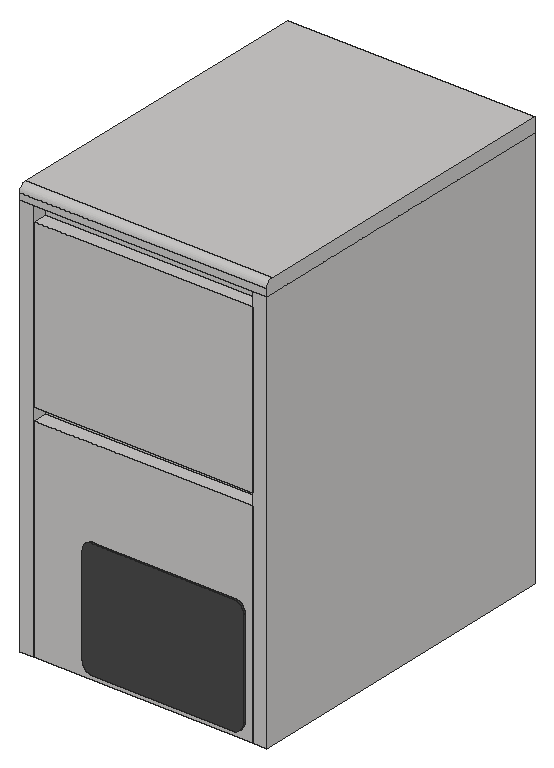
Revit family "QF_ZANUSSI_730309_ICA23I6SNP", category Attrezzature speciali, Revit 2018
Family settings
  Quota connettore circolare = Usa diametro
  Tipo di parte = Normale
  Basato su piano di lavoro = No
  Sempre verticale = Sì
  Taglio con vuoti quando caricato = No
  Condiviso = No
  Punto di calcolo locali = No
Parameters (values of type "Standard")
  Weight = 32.00 kg
  Watts = 1000 W
  Volts = 220 V
  URL Manufacturer = "http://www.zanussiprofessional.com"
  URL = "http://www.zanussiprofessional.com"
  Steam Supply Size = 0 mm
  Steam Supply Minimum Pressure = 0.0 Pa
  Steam Supply Maximum Pressure = 0.0 Pa
  Steam Pounds per Hour = 0
  Show Logo [instance] = yes
  Show Clearance [instance] = yes
  Refrigeration Suction Line Size = 0 mm
  Refrigeration Liquid Line Size = 0 mm
  Refrigerant Compressor Remote = yes
  Produttore = "Zanussi"
  Phase = 1
  Modello = "ICA23I6SNP"
  Length Actual = 350 mm  # constant formula
  Item Number = "730309"
  Hot Water Size = 0 mm
  Height Actual = 601 mm  # constant formula
  HP = "1.3 HP"
  Gas Size = 0 mm
  Gas KW = 0
  Gas Input Pressure = 0 W
  Descrizione = "WATER COOLED ICE CUBER 14GR 23KG/24H-BIN 6KG"
  Depth Actual = 475 mm  # constant formula
  Cycle = 50 Hz
  Condensate Return Size = 0 mm
  Compressed Air Volume = 0.0 L/s
  Compressed Air Size = 0 mm
  Compressed Air Pressure = 0.0 Pa
  Cold Water Size = 19.05 mm
  Accessory = yes
Reference planes
  plane 1 "Center X": y = 272.851
  plane 2: z = 0
  plane 3 "Center Y": x = -501.5
  plane 4 "LEFT": x = -676.5
  plane 5 "RIGHT": x = -326.5
  plane 6 "FRONT": y = 35.351
  plane 7 "BACK": y = 510.351
  plane 8: z = 593
  plane 9: z = 573
  plane 10: x = -656.5
  plane 11: x = -346.5
  plane 12: y = 75.351
Forms (mm)
  Extrusion 1, solid, material "QF_Finishes_Black"
    sketch origin (-202.5, 35.351, 229.513) x (-1, 0, 0) y (0, 0, -1)
      loop
        arc (369, 54.513) -> (379.607, 58.907) -> (384, 69.513) r 15
        line (384, 69.513) -> (384, 207.469)
        arc (384, 207.469) -> (379.607, 218.075) -> (369, 222.469) r 15
        line (369, 222.469) -> (169.884, 222.469)
        arc (169.884, 222.469) -> (159.277, 218.075) -> (154.884, 207.469) r 15
        line (154.884, 207.469) -> (154.884, 69.513)
        arc (154.884, 69.513) -> (159.277, 58.907) -> (169.884, 54.513) r 15
        line (169.884, 54.513) -> (369, 54.513)
    from 0 to 2
  Extrusion 2, solid, material "QF_Finishes_Stainless Steel"
    sketch origin (-501.5, 0, 0) x (0, 1, 0) y (0, 0, 1)
      loop
        line (510.351, 573) -> (510.351, 593) -> (45.351, 593)
        arc (45.351, 593) -> (38.28, 590.071) -> (35.351, 583) r 10
        line (35.351, 583) -> (35.351, 573) -> (510.351, 573)
    from -175 to 175
  Extrusion 3, solid, material "QF_Finishes_Stainless Steel"
    sketch origin (-246.7, 510.351, -335.545) x (1, 0, 0) y (0, 0, -1)
      loop
        circle (-131.8, -500.545) r 10
    from 0 to 10
  Extrusion 4, solid, material "QF_Finishes_Stainless Steel"
    sketch origin (0, 0, 0) x (1, 0, 0) y (0, 1, 0)
      loop
        line (-676.5, 510.351) -> (-676.5, 35.351) -> (-656.5, 35.351) -> (-656.5, 510.351) -> (-676.5, 510.351)
    from 0 to 573
  Extrusion 5, solid, material "QF_Finishes_Stainless Steel"
    sketch origin (0, 0, 0) x (1, 0, 0) y (0, 1, 0)
      loop
        line (-346.5, 510.351) -> (-346.5, 35.351) -> (-326.5, 35.351) -> (-326.5, 510.351) -> (-346.5, 510.351)
    from 0 to 573
  Extrusion 6, solid, material "QF_Finishes_Stainless Steel"
    sketch origin (0, 0, 0) x (1, 0, 0) y (0, 1, 0)
      loop
        line (-656.5, 510.351) -> (-656.5, 75.351) -> (-346.5, 75.351) -> (-346.5, 510.351) -> (-656.5, 510.351)
    from 0 to 573
  Extrusion 7, solid, material "QF_Finishes_Stainless Steel"
    sketch origin (0, 0, 0) x (1, 0, 0) y (0, 1, 0)
      loop
        line (-656.5, 35.351) -> (-346.5, 35.351) -> (-346.5, 75.351) -> (-656.5, 75.351) -> (-656.5, 35.351)
    from 0 to 300.513
  Extrusion 8, solid, material "QF_Finishes_Stainless Steel"
    sketch origin (-501.5, 0, 0) x (0, 1, 0) y (0, 0, 1)
      loop
        line (75.351, 573) -> (55.351, 573) -> (55.351, 553) -> (35.351, 553) -> (35.351, 317.827) -> (55.351, 317.827) -> (55.351, 300.513) -> (75.351, 300.513) -> (75.351, 573)
    from -155 to 155
  Extrusion 9, solid, material "QF_Finishes_Stainless Steel"
    sketch origin (-238.7, 510.351, -454.545) x (1, 0, 0) y (0, 0, -1)
      loop
        circle (-131.8, -500.545) r 10
    from 0 to 10
  Extrusion 10, solid, material "QF_Finishes_Stainless Steel"
    sketch origin (-238.7, 510.351, -414.545) x (1, 0, 0) y (0, 0, -1)
      loop
        circle (-131.8, -500.545) r 10
    from 0 to 10
Lines and regions (mm)
  Split face 1
    outline origin (-656.5, 35.351, 0) x (1, 0, 0) y (0, 0, 1)
      loop
        line (12.141, 175) -> (12.141, 147.424) -> (57.141, 147.424) -> (57.141, 175) -> (12.141, 175)
  symbolic lines
    curve 1: line (-676.5, 510.351, 0) -> (-326.5, 510.351, 0)
    curve 2: line (-676.5, 35.351, 0) -> (-676.5, 510.351, 0)
    curve 3: line (-326.5, 35.351, 0) -> (-676.5, 35.351, 0)
    curve 4: line (-326.5, 510.351, 0) -> (-326.5, 35.351, 0)
Dimensions and locks
  equal spacing: plane 4 "LEFT", plane 3 "Center Y", plane 5 "RIGHT"
  plane 4 "LEFT" to plane 5 "RIGHT" = 350 mm
  equal spacing: plane 7 "BACK", plane 1 "Center X", plane 6 "FRONT"
  plane 7 "BACK" to plane 6 "FRONT" = 475 mm
  plane 8 to plane 2 = 593 mm
  locked: plane 4 "LEFT" to plane 10 at 20
  locked: plane 11 to plane 5 "RIGHT" at 20
  locked: plane 8 to plane 9 at 20
  locked: plane 12 to plane 6 "FRONT" at 40
  aligned and locked: level to plane 2
  aligned and locked: plane 5 "RIGHT" to Extrusion 2
  aligned and locked: Extrusion 2 to plane 4 "LEFT"
  aligned and locked: Extrusion 4 sketch curve to Extrusion 2  (x2)
  aligned and locked: plane 6 "FRONT" to Extrusion 4 sketch curve
  aligned and locked: Extrusion 4 sketch curve to plane 10
  aligned and locked: Extrusion 5 sketch curve to plane 7 "BACK"
  aligned and locked: plane 11 to Extrusion 5 sketch curve
  aligned and locked: Extrusion 5 sketch curve to Extrusion 2  (x2)
  aligned and locked: plane 9 to Extrusion 4
  aligned and locked: plane 9 to Extrusion 5
  aligned and locked: Extrusion 6 sketch curve to Extrusion 4
  aligned and locked: Extrusion 4 to Extrusion 6 sketch curve
  aligned and locked: plane 12 to Extrusion 6 sketch curve
  aligned and locked: Extrusion 6 sketch curve to plane 11
  aligned and locked: plane 9 to Extrusion 6
  aligned and locked: Extrusion 4 to Extrusion 7 sketch curve
  aligned and locked: Extrusion 7 sketch curve to Extrusion 4
  aligned and locked: plane 12 to Extrusion 7 sketch curve
  aligned and locked: plane 11 to Extrusion 7 sketch curve
  aligned and locked: plane 11 to Extrusion 8
  aligned and locked: Extrusion 8 to plane 10
Automatic sketch dimensions
  curve 3 to plane 4 "LEFT" = 0 mm
  curve 3 to plane 5 "RIGHT" = 0 mm
  curve 3 to plane 6 "FRONT" = 0 mm
  curve 2 to plane 7 "BACK" = 0 mm
  Extrusion 1 sketch curve to plane 11 = 10.884 mm
  Extrusion 1 sketch curve to Extrusion 1 sketch curve = 15 mm  (x3)
  plane 10 to Extrusion 1 sketch curve = 85 mm  (x2)
  Extrusion 1 sketch curve to Extrusion 1 sketch curve = 137.956 mm
  Extrusion 2 sketch curve to plane 6 "FRONT" = 0 mm
  Extrusion 2 sketch curve to plane 8 = 0 mm
  Extrusion 2 sketch curve to plane 7 "BACK" = 0 mm
  Extrusion 2 sketch curve to plane 9 = 0 mm
  plane 6 "FRONT" to Extrusion 2 sketch curve = 10 mm
  Extrusion 6 to Extrusion 3 sketch curve = 165 mm
  Extrusion 3 sketch curve to Extrusion 6 = 32 mm
  Extrusion 8 sketch curve to plane 6 "FRONT" = 0 mm
  Extrusion 8 sketch curve to plane 9 = 0 mm
  Extrusion 8 sketch curve to plane 12 = 0 mm
  plane 6 "FRONT" to Extrusion 8 sketch curve = 20 mm  (x2)
  Extrusion 8 sketch curve to plane 9 = 20 mm
  Extrusion 8 sketch curve to Extrusion 8 sketch curve = 235.173 mm
  Extrusion 8 sketch curve to Extrusion 8 sketch curve = 17.313 mm
  Extrusion 9 sketch curve to Extrusion 6 = 24 mm
  Extrusion 6 to Extrusion 9 sketch curve = 46 mm
  Extrusion 10 sketch curve to Extrusion 6 = 24 mm
  Extrusion 6 to Extrusion 10 sketch curve = 86 mm
  level to Extrusion 1 sketch curve = 175 mm
  Split face 1 sketch curve to Extrusion 7 = 12.141 mm
  Split face 1 sketch curve to Split face 1 sketch curve = 45 mm
  Split face 1 sketch curve to Extrusion 7 = 147.424 mm
  Split face 1 sketch curve to Split face 1 sketch curve = 27.576 mm
  radius of Extrusion 3 sketch curve = 10 mm
  radius of Extrusion 9 sketch curve = 10 mm
  radius of Extrusion 10 sketch curve = 10 mm
Connectors
  electrical at (-370.5, 520.351, 46), driven by "Volts"
    settings: on Extrusion 9, index 1, voltage 220 V, apparent load 0 VA, apparent load phase1 0 VA, apparent load phase2 0 VA, apparent load phase3 0 VA, power factor 1, load classification "Altro", number of poles 1, system type 30, power factor state 1, is connector primary yes, connector utility no, sub classification motor no, connector description "Electrical Connection"
  piping at (-378.5, 520.351, 165), diameter 20
    settings: on Extrusion 3, index 2, connector inside diameter 609.6 mm, connector length 0 mm, flow factor 0, pipe flow 0.0 L/s, pressure drop 0.0 Pa, fitting loss kfactor 0, connector angle 0.00°, fixture units 0, engagement length 0 mm, angle of deflection 0.00°, flow configuration 0, flow direction 0, fitting loss method 0, system type 20, joint type 0, gender type 0, connector reference index -1, connector utility 0, adjustable connector no, is connector primary yes, connector description "Cold water"
  piping at (-370.5, 520.351, 86), diameter 20
    settings: on Extrusion 10, index 3, connector inside diameter 609.6 mm, connector length 0 mm, flow factor 0, pipe flow 0.0 L/s, pressure drop 0.0 Pa, fitting loss kfactor 0, connector angle 0.00°, fixture units 0, engagement length 0 mm, angle of deflection 0.00°, flow configuration 0, flow direction 0, fitting loss method 0, system type 16, joint type 0, gender type 0, connector reference index -1, connector utility 0, adjustable connector no, is connector primary no, connector description "Drain"
